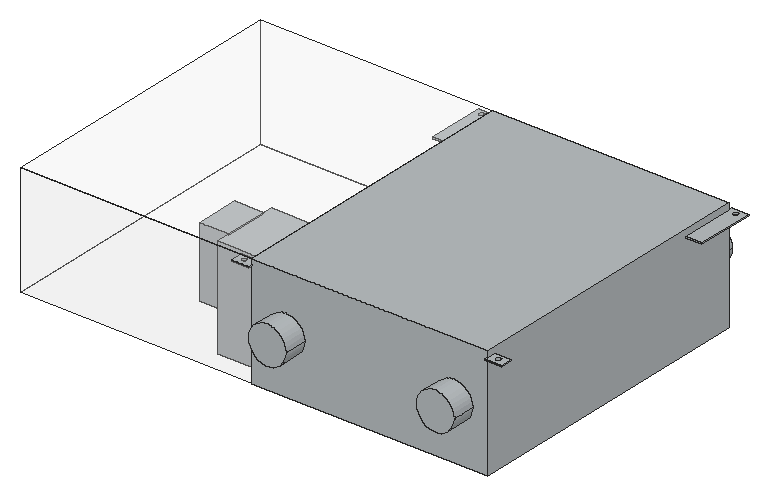
Revit family "lgh-rn15_100rxv2(d)_60Hz", category 機械設備, Revit 2019
Family settings
  丸型コネクタ寸法 = 直径を使用
  パーツ タイプ = 割り込み
  OmniClass 番号 = 23.75.10.34.21
  OmniClass タイトル = Heat Exchangers for Ventilation Air
  作業面ベース = いいえ
  常に垂直 = はい
  ロード時にボイドで切り取り = いいえ
  共有 = いいえ
  部屋計算ポイント = はい
Parameters (values of type "LGH-RN15RXV2")
  騒音レベル(dB(A)) = 31
  風量 = MAX風量  # 150.0 m³/h
  面風速 = 5.31 m/s
  電源種別 [instance] = "一般"
  電圧 = 100 V
  電動機出力 = 0 W
  集中コントローラ = ""
  運転質量 = 0.00 kg
  連動 [instance] = ""
  質量 = if(製品質量 > 運転質量, 製品質量, 運転質量) * 1.2  # 27.60 kg
  負荷分類 = 3_ファン類
  説明 = "業務用ロスナイ 天井埋込形 DCリプレースマイコン"
  設計風量 = 0.0 m³/h
  設置方法 = "天井吊(隠ぺい)形"
  記号 [instance] = ""
  製造元 = "三菱電機株式会社"
  製品質量 = 23.00 kg
  製品出荷対象 = "国内"
  製品リリース年月 = "2023/5/15"
  製品グループ = ""
  系統 [instance] = ""
  符号 [instance] = "HEU"
  積算_科目 = "1 空気調和設備"
  積算_拾い区分 [instance] = ""
  相 = 1
  盤記号 [instance] = ""
  発停方法 [instance] = ""
  特殊仕様 [instance] = ""
  点検口高さ = -Height / 2  # -145 mm
  点検口 = yes
  火災停止 [instance] = ""
  温度交換効率_特強 = 74.00%
  温度交換効率_強 = 74.00%
  温度交換効率_弱 = 78.00%
  消費電力 = 85 W
  法定耐用年数 = "15"
  機外静圧_排気 = 210.0 Pa
  機外静圧 = 210.0 Pa
  極数 = 2
  材質 [instance] = ""
  本体マテリアル = 溶融亜鉛めっき鋼板
  操作・制御方式 = ""
  操作・制御スイッチ = ""
  排気量 = 0.0 m³/h
  形式 = "天井埋込ダクト形"
  形名 = LGH-RN-2 : LGH-RN15-2
  幹線記号 [instance] = ""
  対象室 [instance] = ""
  実風量 = 0.0 m³/h
  始動方式 [instance] = "直入"
  外気量 = 設計風量  # 0.0 m³/h
  呼称 = "全熱交換ユニット"
  周波数 = 60 Hz
  吊りボルト-W = 658 mm
  吊りボルト-D = 768 mm
  参照している仕様書等のバージョン = "公共建築工事標準仕様書（機械設備工事編）平成31年度版"
  初期抵抗 = 0.0 Pa
  分類コード = "50052504100070"
  分類グループ = ""
  価格 = 270000
  企業コード = "108420"
  付属品_フィルター_還気 = ""
  付属品_フィルター = ""
  付属品 [instance] = ""
  仕様書バージョン = "Version1.0"
  モデル = "LGH-RN15RXV2"
  ドレン管径 = 0 mm
  ダクト径 = 100 mm
  OAダクト変更表示 = no
  EAダクト変更表示 = no
  サービススペース = yes
  コメント [instance] = ""
  Keynote = ""
  エンタルピ交換効率_暖房_特強 = 75.50%
  エンタルピ交換効率_暖房_強 = 75.50%
  エンタルピ交換効率_暖房_弱 = 79.00%
  エンタルピ交換効率_冷房_特強 = 64.50%
  エンタルピ交換効率_冷房_強 = 64.50%
  エンタルピ交換効率_冷房_弱 = 69.00%
  Width = 610 mm
  Version = ""
  Uniclass2015Version = "Systems v1.9"
  Uniclass2015Title = "Thermal wheels"
  Uniclass2015Code = "Pr_60_60_36_88"
  URL = "https://www.mitsubishielectric.co.jp/ldg/wink/qr/002/324437/"
  SpecificationReference = ""
  SpecificationDescription = ""
  SMAX風量 = 150.0 m³/h
  SMAX静圧 = 210.0 Pa
  SAサイズ_D = 97.5 mm
  Revision = ""
  RAサイズ_D = 97.5 mm
  ProductInformation = ""
  OmniClassCode = "23-27 23 19 11"
  OAサイズ_W = 0 mm
  OAサイズ_D = 97.5 mm
  MIN風量 = 66.0 m³/h
  MIN静圧 = 35.0 Pa
  MID風量 = 108.0 m³/h
  MID静圧 = 93.0 Pa
  MAX風量 = 150.0 m³/h
  MAX静圧 = 180.0 Pa
  M = 59 mm
  IfcTypeProduct = ""
  IfcProduct = ""
  IfcExportType = "ROTARYWHEEL"
  IfcExportAs = "IfcAirToAirHeatRecoveryType"
  Height = 290 mm
  EAサイズ_W = 0 mm
  EAサイズ_D = 97.5 mm
  Depth = 780 mm
  Clearance Top = 0 mm  # constant formula
  Clearance Right = 0 mm  # constant formula
  Clearance Left = 600 mm  # constant formula
  Clearance Front = 0 mm  # constant formula
  Clearance Bottom = 0 mm  # constant formula
  Clearance Back = 0 mm  # constant formula
  Author = "三菱電機株式会社"
Types (14, lengths in mm): name | 騒音レベル(dB(A)) | 風量 | 面風速 | 電圧 | 質量 | 製品質量 | 点検口高さ | 温度交換効率_特強 | 温度交換効率_強 | 温度交換効率_弱 | 消費電力 | 機外静圧_排気 | 機外静圧 | 極数 | 形名 | 吊りボルト-W | 吊りボルト-D | 参照している仕様書等のバージョン | 価格 | モデル | ダクト径 | エンタルピ交換効率_暖房_特強 | エンタルピ交換効率_暖房_強 | エンタルピ交換効率_暖房_弱 | エンタルピ交換効率_冷房_特強 | エンタルピ交換効率_冷房_強 | エンタルピ交換効率_冷房_弱 | Width | URL | SMAX風量 | SMAX静圧 | SAサイズ_D | RAサイズ_D | OAサイズ_D | MIN風量 | MIN静圧 | MID風量 | MID静圧 | MAX風量 | MAX静圧 | M | Height | EAサイズ_D | Depth
  LGH-RN15RXV2 | 31 | 150.0 m³/h | 5.31 m/s | 100 V | 27.60 kg | 23.00 kg | -145 | 74.00% | 74.00% | 78.00% | 85 W | 210.0 Pa | 210.0 Pa | 2 | LGH-RN-2 : LGH-RN15-2 | 658 | 768 | "公共建築工事標準仕様書（機械設備工事編）平成31年度版" | 270000 | "LGH-RN15RXV2" | 100 | 75.50% | 75.50% | 79.00% | 64.50% | 64.50% | 69.00% | 610 | "https://www.mitsubishielectric.co.jp/ldg/wink/qr/002/324437/" | 150.0 m³/h | 210.0 Pa | 97.5 | 97.5 | 97.5 | 66.0 m³/h | 35.0 Pa | 108.0 m³/h | 93.0 Pa | 150.0 m³/h | 180.0 Pa | 59 | 290 | 97.5 | 780
  LGH-RN15RXV2D | 31 | 150.0 m³/h | 5.31 m/s | 200 V | 27.60 kg | 23.00 kg | -145 | 74.00% | 74.00% | 78.00% | 85 W | 210.0 Pa | 210.0 Pa | 3 | LGH-RN-2 : LGH-RN15-2 | 658 | 768 | "公共建築工事標準仕様書（機械設備工事編）平成31年度版" | 270000 | "LGH-RN15RXV2D" | 100 | 75.50% | 75.50% | 79.00% | 64.50% | 64.50% | 69.00% | 610 | "https://www.mitsubishielectric.co.jp/ldg/wink/qr/002/324438/" | 150.0 m³/h | 210.0 Pa | 97.5 | 97.5 | 97.5 | 66.0 m³/h | 35.0 Pa | 108.0 m³/h | 93.0 Pa | 150.0 m³/h | 180.0 Pa | 59 | 290 | 97.5 | 780
  LGH-RN25RXV2 | 30 | 250.0 m³/h | 3.93 m/s | 100 V | 28.80 kg | 24.00 kg | -145 | 70.00% | 70.00% | 78.00% | 110 W | 170.0 Pa | 170.0 Pa | 2 | LGH-RN-2 : LGH-RN25-2 | 782 | 768 | "公共建築工事標準仕様書（機械設備工事編）平成31年度版" | 294000 | "LGH-RN25RXV2" | 150 | 73.00% | 73.00% | 78.50% | 63.00% | 63.00% | 68.50% | 735 | "https://www.mitsubishielectric.co.jp/ldg/wink/qr/002/324440/" | 250.0 m³/h | 170.0 Pa | 142 | 142 | 142 | 110.0 m³/h | 28.0 Pa | 180.0 m³/h | 75.0 Pa | 250.0 m³/h | 145.0 Pa | 69 | 290 | 142 | 780
  LGH-RN25RXV2D | 30 | 250.0 m³/h | 3.93 m/s | 200 V | 28.80 kg | 24.00 kg | -145 | 70.00% | 70.00% | 78.00% | 110 W | 170.0 Pa | 170.0 Pa | 3 | LGH-RN-2 : LGH-RN25-2 | 782 | 768 | "公共建築工事標準仕様書（機械設備工事編）平成31年度版" | 294000 | "LGH-RN25RXV2D" | 150 | 73.00% | 73.00% | 78.50% | 63.00% | 63.00% | 68.50% | 735 | "https://www.mitsubishielectric.co.jp/ldg/wink/qr/002/324441/" | 250.0 m³/h | 170.0 Pa | 142 | 142 | 142 | 110.0 m³/h | 28.0 Pa | 180.0 m³/h | 75.0 Pa | 250.0 m³/h | 145.0 Pa | 69 | 290 | 142 | 780
  LGH-RN35RXV2 | 33 | 350.0 m³/h | 5.5 m/s | 100 V | 39.60 kg | 33.00 kg | -165 | 71.50% | 71.50% | 75.00% | 210 W | 300.0 Pa | 300.0 Pa | 2 | LGH-RN-2 : LGH-RN35-2 | 921 | 875 | "公共建築工事標準仕様書（機械設備工事編）平成31年度版" | 323000 | "LGH-RN35RXV2" | 150 | 74.50% | 74.50% | 78.50% | 65.50% | 65.50% | 66.50% | 875 | "https://www.mitsubishielectric.co.jp/ldg/wink/qr/002/324442/" | 350.0 m³/h | 300.0 Pa | 142 | 142 | 142 | 154.0 m³/h | 36.0 Pa | 252.0 m³/h | 96.0 Pa | 350.0 m³/h | 185.0 Pa | 69 | 330 | 142 | 890
  LGH-RN35RXV2D | 33 | 350.0 m³/h | 5.5 m/s | 200 V | 39.60 kg | 33.00 kg | -165 | 71.50% | 71.50% | 75.00% | 210 W | 300.0 Pa | 300.0 Pa | 3 | LGH-RN-2 : LGH-RN35-2 | 921 | 875 | "公共建築工事標準仕様書（機械設備工事編）平成31年度版" | 323000 | "LGH-RN35RXV2D" | 150 | 74.50% | 74.50% | 78.50% | 65.50% | 65.50% | 66.50% | 875 | "https://www.mitsubishielectric.co.jp/ldg/wink/qr/002/324443/" | 350.0 m³/h | 300.0 Pa | 142 | 142 | 142 | 154.0 m³/h | 36.0 Pa | 252.0 m³/h | 96.0 Pa | 350.0 m³/h | 185.0 Pa | 69 | 330 | 142 | 890
  LGH-RN50RXV2 | 37 | 500.0 m³/h | 4.42 m/s | 100 V | 44.40 kg | 37.00 kg | -165 | 71.00% | 71.00% | 75.00% | 315 W | 310.0 Pa | 310.0 Pa | 2 | LGH-RN-2 : LGH-RN50-2 | 1063 | 875 | "公共建築工事標準仕様書（機械設備工事編）平成31年度版" | 391000 | "LGH-RN50RXV2" | 200 | 73.00% | 73.00% | 77.50% | 63.00% | 63.00% | 66.50% | 1020 | "https://www.mitsubishielectric.co.jp/ldg/wink/qr/002/324444/" | 500.0 m³/h | 310.0 Pa | 192 | 192 | 192 | 220.0 m³/h | 37.0 Pa | 360.0 m³/h | 98.0 Pa | 500.0 m³/h | 190.0 Pa | 84 | 330 | 192 | 890
  LGH-RN50RXV2D | 37 | 500.0 m³/h | 4.42 m/s | 200 V | 44.40 kg | 37.00 kg | -165 | 71.00% | 71.00% | 75.00% | 315 W | 310.0 Pa | 310.0 Pa | 3 | LGH-RN-2 : LGH-RN50-2 | 1063 | 875 | "公共建築工事標準仕様書（機械設備工事編）平成31年度版" | 391000 | "LGH-RN50RXV2D" | 200 | 73.00% | 73.00% | 77.50% | 63.00% | 63.00% | 66.50% | 1020 | "https://www.mitsubishielectric.co.jp/ldg/wink/qr/002/324445/" | 500.0 m³/h | 310.0 Pa | 192 | 192 | 192 | 220.0 m³/h | 37.0 Pa | 360.0 m³/h | 98.0 Pa | 500.0 m³/h | 190.0 Pa | 84 | 330 | 192 | 890
  LGH-RN65RXV2 | 40 | 650.0 m³/h | 5.75 m/s | 100 V | 51.60 kg | 43.00 kg | -202 | 71.50% | 71.50% | 76.00% | 445 W | 320.0 Pa | 320.0 Pa | 2 | LGH-RN-2 : LGH-RN65-2 | 1001 | 895 | "公共建築工事標準仕様書（機械設備工事編）平成31年度版" | 523000 | "LGH-RN65RXV2" | 200 | 72.00% | 72.00% | 76.00% | 63.00% | 63.00% | 67.00% | 892 | "https://www.mitsubishielectric.co.jp/ldg/wink/qr/002/324446/" | 650.0 m³/h | 320.0 Pa | 192 | 192 | 192 | 286.0 m³/h | 45.0 Pa | 468.0 m³/h | 119.0 Pa | 650.0 m³/h | 230.0 Pa | 84 | 404 | 192 | 984
  LGH-RN65RXV2D | 40 | 650.0 m³/h | 5.75 m/s | 200 V | 51.60 kg | 43.00 kg | -202 | 71.50% | 71.50% | 76.00% | 445 W | 320.0 Pa | 320.0 Pa | 3 | LGH-RN-2 : LGH-RN65-2 | 1001 | 895 | "公共建築工事標準仕様書（機械設備工事編）平成31年度版" | 523000 | "LGH-RN65RXV2D" | 200 | 72.00% | 72.00% | 76.00% | 63.00% | 63.00% | 67.00% | 892 | "https://www.mitsubishielectric.co.jp/ldg/wink/qr/002/324447/" | 650.0 m³/h | 320.0 Pa | 192 | 192 | 192 | 286.0 m³/h | 45.0 Pa | 468.0 m³/h | 119.0 Pa | 650.0 m³/h | 230.0 Pa | 84 | 404 | 192 | 984
  LGH-RN80RXV2 | 40 | 800.0 m³/h | 4.53 m/s | 100 V | 63.60 kg | 53.00 kg | -202 | 73.00% | 73.00% | 76.50% | 540 W | 310.0 Pa | 310.0 Pa | 2 | LGH-RN-2 : LGH-RN80-2 | 1051 | 1131 | "公共建築工事標準仕様書（機械設備工事編）平成31年度版" | 624000 | "LGH-RN80RXV2" | 250 | 75.00% | 75.00% | 78.00% | 65.00% | 65.00% | 68.00% | 1004 | "https://www.mitsubishielectric.co.jp/ldg/wink/qr/002/324448/" | 800.0 m³/h | 310.0 Pa | 242 | 242 | 242 | 352.0 m³/h | 37.0 Pa | 576.0 m³/h | 98.0 Pa | 800.0 m³/h | 190.0 Pa | 84 | 404 | 242 | 1144
  LGH-RN80RXV2D | 40 | 800.0 m³/h | 4.53 m/s | 200 V | 63.60 kg | 53.00 kg | -202 | 73.00% | 73.00% | 76.50% | 540 W | 310.0 Pa | 310.0 Pa | 3 | LGH-RN-2 : LGH-RN80-2 | 1051 | 1131 | "公共建築工事標準仕様書（機械設備工事編）平成31年度版" | 624000 | "LGH-RN80RXV2D" | 250 | 75.00% | 75.00% | 78.00% | 65.00% | 65.00% | 68.00% | 1004 | "https://www.mitsubishielectric.co.jp/ldg/wink/qr/002/324449/" | 800.0 m³/h | 310.0 Pa | 242 | 242 | 242 | 352.0 m³/h | 37.0 Pa | 576.0 m³/h | 98.0 Pa | 800.0 m³/h | 190.0 Pa | 84 | 404 | 242 | 1144
  LGH-RN100RXV2 | 38 | 1000.0 m³/h | 5.66 m/s | 100 V | 69.60 kg | 58.00 kg | -202 | 73.00% | 73.00% | 75.00% | 580 W | 225.0 Pa | 225.0 Pa | 2 | LGH-RN-2 : LGH-RN100-2 | 1278 | 1131 | "" | 710000 | "LGH-RN100RXV2" | 250 | 75.00% | 75.00% | 76.50% | 65.00% | 65.00% | 67.50% | 1231 | "https://www.mitsubishielectric.co.jp/ldg/wink/qr/002/324434/" | 1000.0 m³/h | 225.0 Pa | 242 | 242 | 242 | 440.0 m³/h | 32.0 Pa | 720.0 m³/h | 86.0 Pa | 1000.0 m³/h | 165.0 Pa | 84 | 404 | 242 | 1144
  LGH-RN100RXV2D | 38 | 1000.0 m³/h | 5.66 m/s | 200 V | 69.60 kg | 58.00 kg | -202 | 73.00% | 73.00% | 75.00% | 580 W | 225.0 Pa | 225.0 Pa | 3 | LGH-RN-2 : LGH-RN100-2 | 1278 | 1131 | "" | 710000 | "LGH-RN100RXV2D" | 250 | 75.00% | 75.00% | 76.50% | 65.00% | 65.00% | 67.50% | 1231 | "https://www.mitsubishielectric.co.jp/ldg/wink/qr/002/324435/" | 1000.0 m³/h | 225.0 Pa | 242 | 242 | 242 | 440.0 m³/h | 32.0 Pa | 720.0 m³/h | 86.0 Pa | 1000.0 m³/h | 165.0 Pa | 84 | 404 | 242 | 1144
Reference planes
  plane 1 "中心(正面/背面)": y = 0
  plane 2: z = 0
  plane 3 "中心(左/右)": x = 0
  plane 4 "4": x = 0
  plane 5 "3": x = 0
  plane 6 "左": x = -305
  plane 7 "右": x = 305
  plane 8 "背面": y = 390
  plane 9 "正面": y = -390
  plane 10: z = 145
  plane 11: y = 384
  plane 12: y = -384
  plane 13: x = 329
  plane 14: x = -329
  plane 15: z = -145
  plane 16: y = 390
  plane 17: y = -390
  plane 18: x = 305
  plane 19: x = -905
  plane 20: z = 145
  plane 21: z = -145
  plane 22: y = 225
  plane 23: y = -225
  plane 24: x = -455
Dimensions and locks
  equal spacing: plane 6 "左", plane 5 "3", plane 7 "右"
  "Width": plane 6 "左" to plane 7 "右"
  equal spacing: plane 9 "正面", plane 1 "中心(正面/背面)", plane 8 "背面"
  "Depth": plane 9 "正面" to plane 8 "背面"
  equal spacing: plane 10, level, plane 15
  "Height": plane 10 to plane 15
  equal spacing: plane 14, plane 5 "3", plane 13
  "吊りボルト-W": plane 14 to plane 13
  equal spacing: plane 12, plane 1 "中心(正面/背面)", plane 11
  "吊りボルト-D": plane 12 to plane 11
  "Clearance Front": plane 17 to plane 9 "正面"
  "Clearance Back": plane 8 "背面" to plane 16
  "Clearance Right": plane 7 "右" to plane 18
  "Clearance Left": plane 19 to plane 6 "左"
  "Clearance Bottom": plane 15 to plane 21
  "Clearance Top": plane 20 to plane 10
  plane 17 to plane 9 "正面" = 0 mm
  equal spacing: plane 22, plane 1 "中心(正面/背面)", plane 23
  locked: plane 22 to plane 23 at 450
  locked: plane 19 to plane 24 at 450
  aligned and locked: level to plane 2
  aligned and locked: nested 1 to plane 11
  aligned and locked: plane 12 to nested 1
  aligned and locked: plane 14 to nested 1
  aligned and locked: plane 13 to nested 1
  aligned and locked: plane 10 to nested 2
  aligned and locked: plane 19 to nested 3
  aligned and locked: plane 20 to nested 3
  aligned and locked: plane 21 to nested 3
  aligned and locked: plane 17 to nested 3
  aligned and locked: plane 16 to nested 3
  aligned and locked: plane 6 "左" to nested 3
  aligned and locked: nested 2 to plane 5 "3"
  aligned and locked: plane 1 "中心(正面/背面)" to nested 2
  aligned and locked: plane 24 to nested 4
  aligned and locked: plane 19 to nested 4
  aligned and locked: plane 23 to nested 4
  aligned and locked: plane 22 to nested 4
Nested families
  nested 1: "固定点" at (-329, -384, 0), type "固定点"
    with W 658 mm, D 768 mm
  nested 2: "LGH-RN-2" at (0, 0, -145) x (0, -1, 0) z (0, 0, 1), type <- "形名", type "LGH-RN15-2"
    with EA一般 yes, EA変更 no
  nested 3: "サービススペース" at (-605, 0, 0), visible <- "サービススペース", type "サービススペース"
    with Width 600 mm, Height 290 mm, Depth 780 mm
  nested 4: "点検口設置範囲" at (-680, 0, -145), built-in parameter 1001364 <- "点検口高さ", visible <- "点検口", type "点検口設置範囲"
    with Width 450 mm, Depth 450 mm
Connectors
  hvac at (-217.5, -449, 0), driven by "ダクト径", driven by "機外静圧", driven by "風量"
    settings: on nested 2, index 2, duct flow 150.0 m³/h, flow factor 0, pres drop 210.0 Pa, loss coef 0, conn angle 0.00°, conn width 304.8 mm, conn height 304.8 mm, conn diameter 100 mm, duct sys type 1, conn prof type 0, flow config 0, flow direction 2, loss method 4, conn ref index -1, conn util no, is conn primary yes, conn desc ""
  hvac at (217.5, -449, 0), driven by "ダクト径", driven by "機外静圧", driven by "風量"
    settings: on nested 2, index 3, duct flow 150.0 m³/h, flow factor 0, pres drop 210.0 Pa, loss coef 0, conn angle 0.00°, conn width 304.8 mm, conn height 304.8 mm, conn diameter 100 mm, duct sys type 2, conn prof type 0, flow config 0, flow direction 1, loss method 4, conn ref index -1, conn util no, is conn primary no, conn desc ""
  hvac at (-217.5, 449, 0), driven by "EAサイズ_D", driven by "機外静圧", driven by "排気量"
    settings: on nested 2, index 4, duct flow 0.0 m³/h, flow factor 0, pres drop 210.0 Pa, loss coef 0, conn angle 0.00°, conn width 304.8 mm, conn height 304.8 mm, conn diameter 97.5 mm, duct sys type 3, conn prof type 0, flow config 0, flow direction 2, loss method 4, conn ref index -1, conn util no, is conn primary no, conn desc ""
  hvac at (-217.5, 449, 0), driven by "ダクト径", driven by "機外静圧", driven by "外気量"
    settings: on nested 2, index 5, duct flow 0.0 m³/h, flow factor 0, pres drop 210.0 Pa, loss coef 0, conn angle 0.00°, conn width 304.8 mm, conn height 304.8 mm, conn diameter 100 mm, duct sys type 4, conn prof type 0, flow config 0, flow direction 1, loss method 4, conn ref index -1, conn util no, is conn primary no, conn desc ""
  hvac at (364, 272, 0), driven by "ダクト径", driven by "機外静圧", driven by "排気量"
    settings: on nested 2, index 7, duct flow 0.0 m³/h, flow factor 0, pres drop 210.0 Pa, loss coef 0, conn angle 0.00°, conn width 304.8 mm, conn height 304.8 mm, conn diameter 100 mm, duct sys type 3, conn prof type 0, flow config 0, flow direction 2, loss method 4, conn ref index -1, conn util no, is conn primary no, conn desc ""
  hvac at (-364, 272, 0), driven by "ダクト径", driven by "機外静圧", driven by "外気量"
    settings: on nested 2, index 8, duct flow 0.0 m³/h, flow factor 0, pres drop 210.0 Pa, loss coef 0, conn angle 0.00°, conn width 304.8 mm, conn height 304.8 mm, conn diameter 100 mm, duct sys type 4, conn prof type 0, flow config 0, flow direction 1, loss method 4, conn ref index -1, conn util no, is conn primary no, conn desc ""
  hvac at (217.5, 449, 0), driven by "ダクト径", driven by "機外静圧", driven by "排気量"
    settings: on nested 2, index 9, duct flow 0.0 m³/h, flow factor 0, pres drop 210.0 Pa, loss coef 0, conn angle 0.00°, conn width 304.8 mm, conn height 304.8 mm, conn diameter 100 mm, duct sys type 3, conn prof type 0, flow config 0, flow direction 2, loss method 4, conn ref index -1, conn util no, is conn primary no, conn desc ""
  electrical at (-362.5, -357, -0.5), driven by "極数", driven by "負荷分類", driven by "電圧", driven by "消費電力"
    settings: on nested 2, index 10, voltage 100 V, apparent load 85 VA, apparent load phase1 0 VA, apparent load phase2 0 VA, apparent load phase3 0 VA, power factor 1, load classification "3_ファン類", number of poles 2, system type 30, power factor state 1, is connector primary yes, connector utility no, sub classification motor no, connector description ""
Definition of nested family "LGH-RN-2"
  Parameters (values of type "LGH-RN15-2")
    吊りボルト-φ = 13 mm
    吊りボルト-W1 = 768 mm
    吊りボルト-D1 = 658 mm
    マテリアル = none
    ダクト間 = 435 mm
    ダクト変更位置 = 118 mm
    OA一般 = not(OA変更)  # yes
    OA変更 = no
    EA一般 = not(EA変更)  # no
    EA変更 = yes
    コントロール手前位置 = 33 mm
    コントロール上位置 = 15 mm
    φ = 97.5 mm
    Φ = 110 mm
    吊りボルト-H = 15 mm
    M = 59 mm
    W = 780 mm
    H = 290 mm
    D = 610 mm
    CO2センサー手前位置 = 69 mm
    CO2センサー上位置 = 14 mm
  Types (7, lengths in mm): name | 吊りボルト-W1 | 吊りボルト-D1 | ダクト間 | ダクト変更位置 | コントロール手前位置 | コントロール上位置 | φ | Φ | 吊りボルト-H | M | W | H | D | CO2センサー手前位置 | CO2センサー上位置
    LGH-RN100-2 | 1131 | 1278 | 917 | 165 | 146 | 88 | 242 | 258 | 15 | 84 | 1144 | 404 | 1231 | 182 | 87
    LGH-RN80-2 | 1131 | 1051 | 690 | 165 | 146 | 88 | 242 | 258 | 15 | 84 | 1144 | 404 | 1004 | 182 | 87
    LGH-RN65-2 | 895 | 1001 | 620 | 122 | 71 | 57 | 192 | 208 | 15 | 84 | 984 | 404 | 892 | 107 | 56
    LGH-RN35-2 | 875 | 921 | 600 | 140 | 68 | 23 | 142 | 160 | 19 | 69 | 890 | 330 | 875 | 104 | 22
    LGH-RN25-2 | 768 | 782 | 520 | 118 | 33 | 15 | 142 | 160 | 15 | 69 | 780 | 290 | 735 | 69 | 14
    LGH-RN50-2 | 875 | 1063 | 700 | 130 | 68 | 23 | 192 | 208 | 19 | 84 | 890 | 330 | 1020 | 104 | 22
    LGH-RN15-2 | 768 | 658 | 435 | 118 | 33 | 15 | 97.5 | 110 | 15 | 59 | 780 | 290 | 610 | 69 | 14
  Reference planes
    plane 1 "中心(正面/背面)": y = 0
    plane 2: z = 0
    plane 3 "中心(左/右)": x = 0
    plane 4: y = 305
    plane 5: y = 329
    plane 6: y = 349
    plane 7: y = -305
    plane 8: y = -329
    plane 9: y = -349
    plane 10: x = -390
    plane 11: x = 390
    plane 12: z = 290
    plane 13: x = -213
    plane 14: x = 449
    plane 15: x = -449
    plane 16: z = 145
    plane 17: y = 217.5
    plane 18: y = -217.5
    plane 19: x = -384
    plane 20: x = 384
    plane 21: x = 130
    plane 22: x = -130
    plane 23: y = -420
    plane 24: y = -495
    plane 25: x = 357
    plane 26: x = 381.333
    plane 27: x = 182
    plane 28: z = 241.667
    plane 29: z = 193.333
    plane 30: z = 96.667
    plane 31: z = 48.333
    plane 32: x = 321
    plane 33: x = 208
    plane 34: x = -399
    plane 35: x = 399
    plane 36: x = 369
    plane 37: x = -249
    plane 38: z = 275
    plane 39: z = 272
    plane 40: z = 275
    plane 41: z = 276
    plane 42: z = 94
    plane 43: z = 14
    plane 44: x = -272
    plane 45: y = -364
    plane 46: y = 364
  Forms (mm)
    Extrusion 1, solid, material <- "マテリアル", detail levels fine
      sketch origin (0, 0, 0) x (1, 0, 0) y (0, 1, 0)
        loop
          line (-390, 305) -> (-390, -305) -> (390, -305) -> (390, 305) -> (-390, 305)
      from 0 to 290
    Extrusion 2, solid, material <- "マテリアル", visible <- "OA一般", detail levels fine
      sketch origin (0, 0, 0) x (0, 1, 0) y (0, 0, 1)
        loop
          circle (-217.5, 145) r 48.75
      from -390 to -449
    Extrusion 3, solid, material <- "マテリアル", detail levels fine
      sketch origin (0, 0, 0) x (0, 1, 0) y (0, 0, -1)
        loop
          circle (-217.5, -145) r 48.75
        loop
          circle (217.5, -145) r 48.75
      from -390 to -449
    Extrusion 4, solid, material <- "マテリアル", detail levels fine
      sketch origin (0, 0, 0) x (1, 0, 0) y (0, 0, 1)
        loop
          line (182, 275) -> (182, 14) -> (357, 14) -> (357, 275) -> (182, 275)
      from 305 to 420
    Extrusion 5, solid, material <- "マテリアル", detail levels fine
      sketch origin (0, 0, 0) x (1, 0, 0) y (0, 0, 1)
        loop
          line (208, 276) -> (208, 94) -> (321, 94) -> (321, 276) -> (208, 276)
      from 420 to 495
    Extrusion 6, solid, material <- "マテリアル", detail levels fine
      sketch origin (0, 0, 0) x (1, 0, 0) y (0, 1, 0)
        loop
          line (-399, 349) -> (-399, 305) -> (-249, 305) -> (-249, 349) -> (-399, 349)
        loop
          line (-399, -305) -> (-399, -349) -> (-249, -349) -> (-249, -305) -> (-399, -305)
        loop
          line (369, 349) -> (369, 305) -> (399, 305) -> (399, 349) -> (369, 349)
        loop
          line (369, -349) -> (399, -349) -> (399, -305) -> (369, -305) -> (369, -349)
        loop
          circle (-384, 329) r 6.5
        loop
          circle (384, 329) r 6.5
        loop
          circle (-384, -329) r 6.5
        loop
          circle (384, -329) r 6.5
      from 272 to 275
    Extrusion 7, solid, material <- "マテリアル", visible <- "OA変更", detail levels fine
      sketch origin (0, 0, 0) x (1, 0, 0) y (0, 0, 1)
        loop
          circle (-272, 145) r 48.75
      from 305 to 364
    Extrusion 8, solid, material <- "マテリアル", visible <- "EA変更", detail levels fine
      sketch origin (0, 0, 0) x (1, 0, 0) y (0, 0, -1)
        loop
          circle (-272, -145) r 48.75
      from 305 to 364
    Extrusion 9, solid, material <- "マテリアル", visible <- "EA一般", detail levels fine
      sketch origin (0, 435, 0) x (0, 1, 0) y (0, 0, 1)
        loop
          circle (-217.5, 145) r 48.75
      from -390 to -449
  Dimensions and locks
    "W": plane 10 to plane 11
    "吊りボルト-D1": plane 8 to plane 5
    "D": plane 7 to plane 4
    equal spacing: plane 7, plane 1 "中心(正面/背面)", plane 4
    equal spacing: plane 10, plane 3 "中心(左/右)", plane 11
    "H": plane 12 to level
    "M": plane 15 to plane 10
    "M": plane 11 to plane 14
    equal spacing: plane 8, plane 1 "中心(正面/背面)", plane 5
    equal spacing: plane 18, plane 1 "中心(正面/背面)", plane 17
    "ダクト間": plane 18 to plane 17
    equal spacing: plane 19, plane 3 "中心(左/右)", plane 20
    "吊りボルト-W1": plane 19 to plane 20
    plane 15 to plane 14 = 898 mm
    equal spacing: plane 10, plane 22, plane 21, plane 11
    plane 11 to plane 21 to plane 22 to plane 10 = 260 mm, 260 mm, 260 mm
    locked: plane 23 to plane 7 at 115
    locked: plane 24 to plane 7 at 190
    equal spacing: plane 12, plane 28, plane 29, plane 16, plane 30, plane 31, level
    locked: plane 5 to plane 6 at 20
    locked: plane 9 to plane 8 at 20
    locked: plane 38 to plane 39 at 3
    "吊りボルト-H": plane 12 to plane 38
    locked: plane 19 to plane 37 at 135
    locked: plane 36 to plane 20 at 15
    locked: plane 34 to plane 10 at 9
    locked: plane 11 to plane 35 at 9
    locked: plane 33 to plane 32 at 113
    locked: plane 27 to plane 25 at 175
    "CO2センサー手前位置": plane 32 to plane 11
    "コントロール手前位置": plane 25 to plane 11
    "コントロール上位置": plane 12 to plane 40
    locked: plane 40 to plane 43 at 261
    "CO2センサー上位置": plane 12 to plane 41
    locked: plane 41 to plane 42 at 182
    "ダクト変更位置": plane 10 to plane 44
    "M": plane 45 to plane 7
    "M": plane 4 to plane 46
    "φ": diameter of Extrusion 2 sketch curve
    "φ": diameter of Extrusion 3 sketch curve  (x2)
    "吊りボルト-φ": diameter of Extrusion 6 sketch curve  (x4)
    "φ": diameter of Extrusion 7 sketch curve
    "φ": diameter of Extrusion 8 sketch curve
    "φ": diameter of Extrusion 9 sketch curve
    aligned and locked: level to plane 2
    aligned and locked: plane 4 to Extrusion 1 sketch curve
    aligned and locked: plane 10 to Extrusion 1 sketch curve
    aligned and locked: Extrusion 1 sketch curve to plane 7
    aligned and locked: Extrusion 1 sketch curve to plane 11
    aligned and locked: plane 12 to Extrusion 1
    aligned and locked: plane 16 to Extrusion 2 sketch curve
    aligned and locked: Extrusion 2 to plane 15
    aligned and locked: plane 14 to Extrusion 3
    aligned and locked: plane 18 to Extrusion 3 sketch curve
    aligned and locked: plane 16 to Extrusion 3 sketch curve  (x2)
    aligned and locked: plane 18 to Extrusion 2 sketch curve
    aligned and locked: plane 17 to Extrusion 3 sketch curve
    aligned and locked: Extrusion 4 sketch curve to plane 25
    aligned and locked: plane 27 to Extrusion 4 sketch curve
    aligned and locked: plane 33 to Extrusion 5 sketch curve
    aligned and locked: Extrusion 5 sketch curve to plane 32
    aligned and locked: plane 7 to Extrusion 4
    aligned and locked: plane 23 to Extrusion 4
    aligned and locked: plane 23 to Extrusion 5
    aligned and locked: plane 24 to Extrusion 5
    aligned and locked: plane 6 to Extrusion 6 sketch curve  (x2)
    aligned and locked: plane 34 to Extrusion 6 sketch curve  (x2)
    aligned and locked: Extrusion 6 sketch curve to plane 4  (x2)
    aligned and locked: Extrusion 6 sketch curve to plane 37  (x2)
    aligned and locked: plane 7 to Extrusion 6 sketch curve
    aligned and locked: Extrusion 6 sketch curve to plane 9
    aligned and locked: Extrusion 6 sketch curve to plane 35
    aligned and locked: plane 9 to Extrusion 6 sketch curve
    aligned and locked: Extrusion 6 sketch curve to plane 7
    aligned and locked: plane 35 to Extrusion 6 sketch curve
    aligned and locked: plane 8 to Extrusion 6 sketch curve  (x2)
    aligned and locked: plane 5 to Extrusion 6 sketch curve  (x2)
    aligned and locked: plane 19 to Extrusion 6 sketch curve  (x2)
    aligned and locked: plane 20 to Extrusion 6 sketch curve  (x2)
    aligned and locked: Extrusion 6 to plane 39
    aligned and locked: plane 38 to Extrusion 6
    aligned and locked: Extrusion 6 sketch curve to plane 36  (x2)
    aligned and locked: plane 42 to Extrusion 5 sketch curve
    aligned and locked: Extrusion 5 sketch curve to plane 41
    aligned and locked: Extrusion 4 sketch curve to plane 40
    aligned and locked: plane 43 to Extrusion 4 sketch curve
    aligned and locked: plane 16 to Extrusion 7 sketch curve
    aligned and locked: plane 44 to Extrusion 7 sketch curve
    aligned and locked: plane 45 to Extrusion 7
    aligned and locked: plane 16 to Extrusion 8 sketch curve
    aligned and locked: plane 44 to Extrusion 8 sketch curve
    aligned and locked: Extrusion 8 to plane 46
    aligned and locked: Extrusion 9 to plane 15
    aligned and locked: plane 16 to Extrusion 9 sketch curve
    aligned and locked: plane 17 to Extrusion 9 sketch curve
    aligned and locked: Extrusion 3 to plane 11
    aligned and locked: plane 10 to Extrusion 2
    aligned and locked: plane 10 to Extrusion 9
    aligned and locked: plane 4 to Extrusion 8
    aligned and locked: Extrusion 7 to plane 7
Definition of nested family "サービススペース"
  Parameters (values of type "サービススペース")
    Width [instance] = 500 mm
    Height [instance] = 500 mm
    Depth [instance] = 500 mm
  Reference planes
    plane 1 "中心(正面/背面)": y = 0
    plane 2: z = 0
    plane 3 "中心(左/右)": x = 0
    plane 4: y = -250
    plane 5: x = 250
    plane 6: y = 250
    plane 7: x = -250
    plane 8: z = 250
    plane 9: z = -250
  Forms (mm)
    Extrusion 1, solid
      sketch origin (-638.939, 0, 72.39) x (1, 0, 0) y (0, 1, 0)
        loop
          line (388.939, 250) -> (388.939, -250) -> (888.939, -250) -> (888.939, 250) -> (388.939, 250)
      from -322.39 to 177.61
  Lines and regions (mm)
    symbolic lines
      curve 1: line (-250, 0, 250) -> (250, 0, 250)
      curve 2: line (-250, 0, -250) -> (-250, 0, 250)
      curve 3: line (250, 0, -250) -> (-250, 0, -250)
      curve 4: line (250, 0, 250) -> (250, 0, -250)
      curve 5: line (0, -250, 250) -> (0, 250, 250)
      curve 6: line (0, -250, -250) -> (0, -250, 250)
      curve 7: line (0, 250, -250) -> (0, -250, -250)
      curve 8: line (0, 250, 250) -> (0, 250, -250)
      curve 9: line (-250, 250, 0) -> (250, 250, 0)
      curve 10: line (-250, -250, 0) -> (-250, 250, 0)
      curve 11: line (250, -250, 0) -> (-250, -250, 0)
      curve 12: line (250, 250, 0) -> (250, -250, 0)
  Dimensions and locks
    equal spacing: plane 7, plane 3 "中心(左/右)", plane 5
    equal spacing: plane 4, plane 1 "中心(正面/背面)", plane 6
    "Depth": plane 4 to plane 6
    "Width": plane 7 to plane 5
    equal spacing: plane 8, plane 2, plane 9
    "Height": plane 8 to plane 9
    aligned and locked: plane 9 to curve 3
    aligned and locked: plane 7 to curve 2
    aligned and locked: curve 4 to plane 5
    aligned and locked: plane 5 to Extrusion 1
    aligned and locked: Extrusion 1 to plane 7
    aligned and locked: Extrusion 1 to plane 9
    aligned and locked: plane 8 to Extrusion 1
    aligned and locked: plane 9 to curve 7
  Automatic sketch dimensions
    plane 4 to Extrusion 1 sketch curve = 0 mm
    Extrusion 1 sketch curve to plane 7 = 0 mm
    Extrusion 1 sketch curve to plane 5 = 0 mm
    plane 6 to Extrusion 1 sketch curve = 0 mm
    curve 2 to plane 8 = 0 mm
    plane 4 to curve 11 = 0 mm
    curve 11 to plane 7 = 0 mm
    curve 11 to plane 5 = 0 mm
    plane 6 to curve 10 = 0 mm
    curve 7 to plane 4 = 0 mm
    curve 7 to plane 6 = 0 mm
    curve 6 to plane 8 = 0 mm
Definition of nested family "固定点"
  Parameters (values of type "固定点")
    中心円 = 11 mm
    W [instance] = 1000 mm
    D [instance] = 1000 mm
  Reference planes
    plane 1 "中心(正面/背面)": y = 0
    plane 2: z = 0
    plane 3 "中心(左/右)": x = 0
    plane 4: x = 1000
    plane 5: y = 1000
  Lines and regions (mm)
    symbolic lines, detail levels fine
      curve 1: circle (0, 1000, 0) r 5.5 normal (0, 0, 1)
      curve 2: circle (0, 0, 0) r 5.5 normal (0, 0, 1)
      curve 3: circle (1000, 1000, 0) r 5.5 normal (0, 0, 1)
      curve 4: circle (1000, 0, 0) r 5.5 normal (0, 0, 1)
      curve 5: line (-200, 1000, 0) -> (1200, 1000, 0)
      curve 6: line (-200, 0, 0) -> (1200, 0, 0)
      curve 7: line (0, 1200, 0) -> (0, -200, 0)
      curve 8: line (1000, 1200, 0) -> (1000, -200, 0)
  Dimensions and locks
    "W": plane 3 "中心(左/右)" to plane 4
    "D": plane 1 "中心(正面/背面)" to plane 5
    "中心円": diameter of curve 1
    "中心円": diameter of curve 2
    "中心円": diameter of curve 3
    "中心円": diameter of curve 4
    aligned and locked: level to plane 2
    aligned and locked: plane 5 to curve 1
    aligned and locked: plane 3 "中心(左/右)" to curve 1
    aligned and locked: plane 3 "中心(左/右)" to curve 2
    aligned and locked: plane 1 "中心(正面/背面)" to curve 2
    aligned and locked: plane 4 to curve 3
    aligned and locked: plane 5 to curve 3
    aligned and locked: plane 1 "中心(正面/背面)" to curve 4
    aligned and locked: plane 4 to curve 4
    aligned and locked: plane 1 "中心(正面/背面)" to curve 6
    aligned and locked: curve 7 to plane 3 "中心(左/右)"
    aligned and locked: curve 8 to plane 4
  Automatic sketch dimensions
    curve 5 to plane 5 = 0 mm
    curve 6 to plane 3 "中心(左/右)" = 200 mm
    curve 5 to plane 3 "中心(左/右)" = 200 mm
    curve 4 to curve 6 = 200 mm
    curve 3 to curve 5 = 200 mm
    plane 1 "中心(正面/背面)" to curve 8 = 200 mm
    plane 1 "中心(正面/背面)" to curve 7 = 200 mm
    curve 3 to curve 8 = 200 mm
    curve 1 to curve 7 = 200 mm
Definition of nested family "点検口設置範囲"
  Parameters (values of type "点検口設置範囲")
    Width [instance] = 1000 mm
    Depth [instance] = 700 mm
  Reference planes
    plane 1 "中心(正面/背面)": y = 0
    plane 2: z = 0
    plane 3 "中心(左/右)": x = 0
    plane 4: x = -500
    plane 5: x = 500
    plane 6: y = -350
    plane 7: y = 350
  Lines and regions (mm)
    model lines
      curve 1: line (-500, 350, 0) -> (500, 350, 0)
      curve 2: line (-500, -350, 0) -> (-500, 350, 0)
      curve 3: line (500, -350, 0) -> (-500, -350, 0)
      curve 4: line (500, 350, 0) -> (500, -350, 0)
  Dimensions and locks
    "Depth": plane 7 to plane 6
    "Width": plane 4 to plane 5
    equal spacing: plane 7, plane 1 "中心(正面/背面)", plane 6
    equal spacing: plane 4, plane 3 "中心(左/右)", plane 5
    aligned and locked: level to plane 2
    aligned and locked: plane 4 to curve 2
    aligned and locked: curve 1 to plane 7
    aligned and locked: curve 4 to plane 5
    aligned and locked: plane 6 to curve 3
